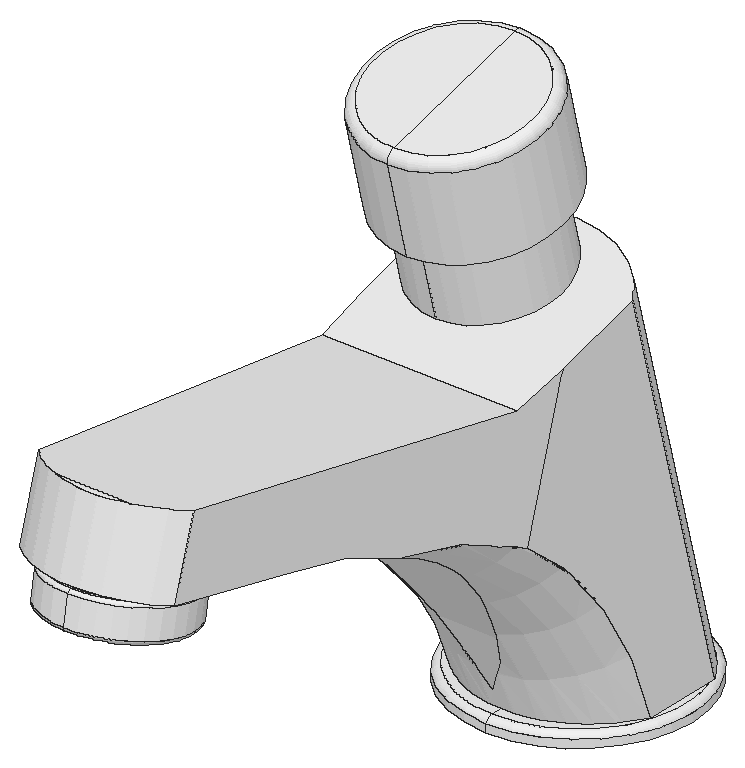
Revit family "Deca_Torneira de mesa com fechamento automático para lavatório_Decamatic Eco_1173", category Plumbing Fixtures, host Face, Revit 2019
Family settings
  Host = Face
  Round Connector Dimension = Use Radius
  Part Type = Normal
  Cut with Voids When Loaded = No
  Shared = No
  Room Calculation Point = No
Parameters (values of type "1173.C_Cromado")
  Vazão na Pressão mín. (L/min) = "5 l/min"
  Vazão na Pressão máx. (L/min) = "8 l/min"
  URL = "www.deca.com.br"
  Tipo de rosca de saída = "-"
  Tipo de rosca de entrada = "BSP NBR 8133"
  Tipo de mecanismo utilizado = "Mecanismo de Fechamento Automático"
  Tipo de dispositivo economizador = "Sim"
  Segmento = "Banheiro Competitivo"
  Saída de Esgoto = "-"
  Raio Água Fria = 7.5 mm  # constant formula
  Pressão mín. funcionamento = "2 MCA"
  Pressão mín. Aquec. Passagem = "-"
  Pressão mín. Aquec. Acúmulo = "-"
  Pressão máx. funcionamento = "40 MCA"
  Pressão = ""
  Peso Líquido (Kg) = 0.904
  Norma = "NBR13713"
  Model = "1173.C"
  Material = Deca_Cromado
  Manufacturer = "Deca"
  Linha = "Decamatic Eco"
  Itens de Instalação = "-"
  Informações Complementares = "-"
  HWFU = 0
  Diâmetro Água Fria = Raio Água Fria * 2  # 15 mm
  Description = "Torneira de mesa com fechamento automático para lavatório"
  Default Elevation = 0 mm
  Código Pai = "1173"
  Criado por = "quattroD"
  Cores Componente = "-"
  Cor Secundária = "-"
  Cor Principal = "Cromado"
  Cor Interna = "-"
  Consumo = "-"
  Composição Componente = "-"
  Composição Básica = "Liga de Cobre (bronze e latão),Plásticos de Engenharia,Elastômeros"
  Composição Assento = "-"
  Composição Anel Vedação = "-"
  Categoria = "USO PUBLICO"
  CWFU = 0
  Atendimento ao Cliente = "0800-0117073"
  Assembly Code = ""
  Aprovado por = "quattroD"
  Acompanha o Produto = "Acompanha restritor de vazão 8L/Min"
Reference planes
  plane 1 "Center (Front/Back)": y = 0
  plane 2: z = 0
  plane 3 "Center (Left/Right)": x = 0
  plane 4 "Top 1": z = 122
  plane 5 "Back 1": y = 23
  plane 6 "Front 1": y = -23
  plane 7 "Front 2": y = -132
  plane 8 "Left 1": x = -20
  plane 9 "Right 1": x = 20
Forms (mm)
  Extrusion 1, solid, material "Deca_Cromado"
    sketch origin (0, 0, 0) x (0, 1, 0) y (0, 0, 1)
      loop
        line (20.979, 2.659) -> (-0.338, 82.215) -> (-39.553, 71.708) -> (-121.101, 86.812)
        arc (-121.101, 86.812) -> (-123.295, 86.659) -> (-125.161, 85.493) r 4.546
        line (-125.161, 85.493) -> (-130.702, 75.496)
        arc (-130.702, 75.496) -> (-130.767, 73.638) -> (-129.302, 72.493) r 2.048
        line (-129.302, 72.493) -> (-94.945, 65.815)
        arc (-94.945, 65.815) -> (-48.245, 44.883) -> (-19.329, 2.659) r 94.404
        line (-19.329, 2.659) -> (20.979, 2.659)
    from -20 to 20
  Sweep 2, void
    path origin (0, -6.784, -4.6) x (0, 1, 0) y (0, 0, 1)
      loop
        line (23, -4.883) -> (-4.176, 96.539)
    profile origin (0, 2.628, 41.228) x (0, -0.965926, -0.258819) y (1, 0, 0)
      loop
        arc (3.778, -20) -> (-7.716, 0) -> (3.778, 20) r 23.147
        arc (3.778, 20) -> (-28.713, 0) -> (3.778, -20) r 22.401
  Sweep 3, void
    path origin (0, -6.25, -2.5) x (0, 1, 0) y (0, 0, 1)
      loop
        arc (-6.734, 2.659) -> (-32.526, 41.506) -> (-76.207, 57.823) r 75.577
    profile origin (0, -38.776, 39.006) x (0, -0.621846, -0.78314) y (1, 0, 0)
      loop
        arc (-6.529, -20) -> (25.427, 0) -> (-6.529, 20) r 22.237
        arc (-6.529, 20) -> (5.282, 0) -> (-6.529, -20) r 22.838
  Revolve 4, solid, material "Deca_Cromado"
    sketch origin (0, 2.428, 4.426) x (0, 0.999391, 0.034899) y (0, -0.034899, 0.999391)
      loop
        line (-113.847, 69.061) -> (-125.57, 71.767) -> (-125.719, 70.999) -> (-126.609, 71.271)
        arc (-126.609, 71.271) -> (-127.16, 71.209) -> (-127.49, 70.763) r 0.695
        line (-127.49, 70.763) -> (-128.759, 65.265)
        arc (-128.759, 65.265) -> (-128.445, 64.507) -> (-127.686, 64.193) r 1.072
        line (-127.686, 64.193) -> (-115.614, 61.406) -> (-113.847, 69.061)
      axis (-113.847, 69.061) -> (-115.614, 61.406)
    angle from 0 to 360
  Revolve 5, solid, material "Deca_Cromado"
    sketch origin (0, -2.289, 0.209) x (0, 0.999921, -0.012564) y (0, 0.012564, 0.999921)
      loop
        line (-15.084, 122.169) -> (-30.192, 118.121) -> (-20.707, 82.726) -> (-7.014, 86.395) -> (-11.047, 101.447) -> (-7.758, 102.328) -> (-12.691, 120.738)
        arc (-12.691, 120.738) -> (-13.598, 121.938) -> (-15.084, 122.169) r 2.003
      axis (-20.707, 82.726) -> (-30.192, 118.121)
    angle from 0 to 360
  Sweep 6, void
    path origin (0, 15.689, 38.255) x (0, 0.978148, 0.207912) y (0, -0.207912, 0.978148)
      loop
        line (-121.413, 92.254) -> (-140.127, 58.493)
    profile origin (0, -127.894, 84.792) x (0, 0.956305, -0.292372) y (1, 0, 0)
      loop
        line (97.939, -20) -> (11.557, -15.473)
        arc (11.557, -15.473) -> (4.428, 0) -> (11.557, 15.473) r 20.356
        line (11.557, 15.473) -> (97.692, 19.987) -> (97.692, 24.706) -> (-3.933, 24.706) -> (-3.933, -23.517) -> (97.939, -23.517) -> (97.939, -20)
  Revolve 7, solid, material "Deca_Cromado"
    sketch origin (0, 0, 0) x (0, 1, 0) y (0, 0, 1)
      loop
        line (0, 0) -> (23, 0) -> (23, 1.626)
        arc (23, 1.626) -> (22.425, 2.375) -> (21.524, 2.659) r 1.571
        line (21.524, 2.659) -> (0, 2.659) -> (0, 0)
      axis (0, 0) -> (0, 2.659)
    angle from 0 to 360
Cuts and joins
  Sweep 2, Sweep 3, Sweep 6 cuts Extrusion 1
Lines and regions (mm)
  Masking region 1
    outline origin (0, 0, 0) x (1, 0, 0) y (0, 1, 0)
      loop
        line (-14.801, -113.344) -> (-14.624, -117.573)
        arc (-14.624, -117.573) -> (0, -132.197) -> (14.624, -117.573) r 14.624
        line (14.624, -117.573) -> (14.801, -113.344) -> (19.679, -18.497) -> (20, -11.467)
        arc (20, -11.467) -> (0, 23.003) -> (-20, -11.467) r 23.037
        line (-20, -11.467) -> (-19.679, -18.497) -> (-14.801, -113.344)
  Masking region 2
    outline origin (0, 0, 0) x (1, 0, 0) y (0, 0, 1)
      loop
        line (-23, 1.698) -> (23, 1.698)
        arc (23, 1.698) -> (22.059, 3.536) -> (20, 3.698) r 2.116
        line (20, 3.698) -> (20, 79.233) -> (17.835, 81.398)
        arc (17.835, 81.398) -> (17.667, 85.903) -> (14, 88.525) r 5.114
        line (14, 88.525) -> (14, 99.267)
        arc (14, 99.267) -> (16.475, 100.292) -> (17.5, 102.767) r 3.5
        line (17.5, 102.767) -> (17.5, 119.371)
        arc (17.5, 119.371) -> (17.694, 120.856) -> (16.745, 122.013) r 1.884
        arc (16.745, 122.013) -> (0.78, 126.203) -> (-15.323, 122.576) r 34.842
        arc (-15.323, 122.576) -> (-16.59, 121.665) -> (-17.5, 120.398) r 4.827
        line (-17.5, 120.398) -> (-17.5, 102.767)
        arc (-17.5, 102.767) -> (-16.475, 100.292) -> (-14, 99.267) r 3.5
        line (-14, 99.267) -> (-14, 88.525)
        arc (-14, 88.525) -> (-17.608, 86.206) -> (-17.306, 81.927) r 4.206
        line (-17.306, 81.927) -> (-20, 79.233) -> (-20, 4.199)
        arc (-20, 4.199) -> (-22.11, 3.68) -> (-23, 1.698) r 2.478
  Masking region 3
    outline origin (0, 0, 0) x (0, 1, 0) y (0, 0, 1)
      loop
        line (20.89, 3.618) -> (-0.515, 83.487) -> (-1.619, 87.594)
        arc (-1.619, 87.594) -> (-2.128, 88.823) -> (-3.356, 89.331) r 1.738
        line (-3.356, 89.331) -> (-7.131, 88.317) -> (-11.642, 105.207) -> (-8.735, 105.988) -> (-13.541, 123.611)
        arc (-13.541, 123.611) -> (-14.442, 124.777) -> (-15.903, 124.968) r 1.93
        line (-15.903, 124.968) -> (-45.871, 116.939)
        arc (-45.871, 116.939) -> (-47.043, 116.041) -> (-47.235, 114.577) r 1.929
        line (-47.235, 114.577) -> (-42.552, 97.096) -> (-39.012, 98.044) -> (-34.485, 81.095) -> (-38.58, 79.994)
        arc (-38.58, 79.994) -> (-39.12, 79.77) -> (-39.344, 79.231) r 0.764
        line (-39.344, 79.231) -> (-37.936, 73.976) -> (-40.586, 73.264) -> (-47.88, 74.937) -> (-119.521, 87.559) -> (-123.599, 88.28)
        arc (-123.599, 88.28) -> (-124.552, 88.153) -> (-125.258, 87.5) r 1.59
        line (-125.258, 87.5) -> (-131.551, 76.601)
        arc (-131.551, 76.601) -> (-131.622, 75.246) -> (-130.566, 74.392) r 1.494
        line (-130.566, 74.392) -> (-123.817, 72.709)
        arc (-123.817, 72.709) -> (-123.68, 71.367) -> (-123.211, 70.102) r 5.337
        line (-123.211, 70.102) -> (-107.187, 66.365)
        arc (-107.187, 66.365) -> (-105.866, 66.913) -> (-105.319, 68.233) r 1.868
        line (-105.319, 68.233) -> (-94.945, 65.815)
        arc (-94.945, 65.815) -> (-49.699, 46.073) -> (-20.603, 6.194) r 94.404
        line (-20.603, 6.194) -> (-19.616, 3.618)
        arc (-19.616, 3.618) -> (-21.579, 3.083) -> (-23, 1.626) r 3.87
        line (-23, 1.626) -> (23.398, 1.626)
        arc (23.398, 1.626) -> (22.609, 3.207) -> (20.89, 3.618) r 2.09
  symbolic lines
    curve 1: line (20, -11.467, 0) -> (20, 1.93, 0)
    curve 2: arc (-14.801, -113.344, 0) -> (-9.938, -122.551, 0) -> (0, -125.657, 0) r 13.661
    curve 3: arc (0, -125.657, 0) -> (10.013, -122.642, 0) -> (14.801, -113.344, 0) r 13.384
    curve 4: arc (-13.251, -113.197, 0) -> (-9.131, -120.848, 0) -> (-0.88, -123.577, 0) r 11.753
    curve 5: line (-0.88, -123.577, 0) -> (1.68, -123.577, 0)
    curve 6: arc (1.68, -123.577, 0) -> (9.644, -120.44, 0) -> (13.329, -112.714, 0) r 11.677
    curve 7: line (13.329, -112.714, 0) -> (16.843, -34.322, 0)
    curve 8: line (-16.875, -34.503, 0) -> (-13.251, -113.197, 0)
    curve 9: circle (0, -30.72, 0) r 15.192 normal (0, 0, 1)
    curve 10: arc (-17.463, -31.104, 0) -> (0, -12.464, 0) -> (17.462, -31.104, 0) r 17.5
    curve 11: arc (-17.463, -31.104, 0) -> (-11.918, -42.594, 0) -> (0, -47.146, 0) r 17.276
    curve 12: arc (0, -47.146, 0) -> (11.795, -42.46, 0) -> (17.462, -31.104, 0) r 17.786
    curve 13: line (-9.049, -5.386, 0) -> (-17.415, -14.234, 0)
    curve 14: line (5.403, -3.922, 0) -> (-6.968, -4.446, 0)
    curve 15: line (16.69, -12.791, 0) -> (7.56, -4.683, 0)
    curve 16: arc (-17.415, -14.234, 0) -> (-17.958, -15.048, 0) -> (-18.2, -15.997, 0) r 2.907
    curve 17: arc (-9.049, -5.386, 0) -> (-8.102, -4.711, 0) -> (-6.968, -4.446, 0) r 3.011
    curve 18: arc (5.403, -3.922, 0) -> (6.555, -4.095, 0) -> (7.56, -4.683, 0) r 3.073
    curve 19: arc (16.69, -12.791, 0) -> (17.381, -13.7, 0) -> (17.66, -14.807, 0) r 2.85
    curve 20: line (-20, -11.134, 0) -> (-20, 1.93, 0)
    curve 21: arc (-20, 1.93, 0) -> (0, 21.93, 0) -> (20, 1.93, 0) r 20
    curve 22: arc (19.679, -18.497, 0) -> (0, 1.182, 0) -> (-19.679, -18.497, 0) r 19.679
    curve 23: line (-18.2, -15.997, 0) -> (-17.48, -30.814, 0)
    curve 24: line (17.66, -14.807, 0) -> (17.5, -29.964, 0)
    curve 25: arc (23, 0, 2.098) -> (22.531, 0, 3.229) -> (21.4, 0, 3.698) r 1.6
    curve 26: arc (-21.4, 0, 3.698) -> (-22.531, 0, 3.229) -> (-23, 0, 2.098) r 1.6
    curve 27: line (-23, 0, 1.698) -> (23, 0, 1.698)
    curve 28: line (21.4, 0, 3.698) -> (-21.4, 0, 3.698)
    curve 29: line (20, 0, 2.659) -> (20, 0, 79.233)
    curve 30: line (-20, 0, 79.233) -> (-20, 0, 2.659)
    curve 31: line (14, 0, 86.047) -> (14, 0, 99.267)
    curve 32: line (-14, 0, 86.047) -> (-14, 0, 99.267)
    curve 33: spline (9.307, 0, 71.287) -> (8.99, 0, 71.788) -> (8.06, 0, 72.255) -> (6.581, 0, 72.655) -> (4.654, 0, 72.963) -> (2.409, 0, 73.156) -> (0, 0, 73.222) -> (-2.409, 0, 73.156) -> (-4.654, 0, 72.963) -> (-6.581, 0, 72.655) -> (-8.06, 0, 72.255) -> (-8.99, 0, 71.788) -> (-9.307, 0, 71.287)
    curve 34: spline (-9.307, 0, 69.429) -> (-8.99, 0, 69.929) -> (-8.06, 0, 70.396) -> (-6.581, 0, 70.797) -> (-4.654, 0, 71.104) -> (-2.409, 0, 71.298) -> (0, 0, 71.364) -> (2.409, 0, 71.298) -> (4.654, 0, 71.104) -> (6.581, 0, 70.797) -> (8.06, 0, 70.396) -> (8.99, 0, 69.929) -> (9.307, 0, 69.429)
    curve 35: line (-9.307, 0, 71.287) -> (-9.307, 0, 69.429)
    curve 36: line (9.307, 0, 71.287) -> (9.307, 0, 69.429)
    curve 37: spline (6.707, 0, 67.864) -> (6.479, 0, 68.224) -> (5.809, 0, 68.561) -> (4.743, 0, 68.85) -> (3.354, 0, 69.071) -> (1.736, 0, 69.211) -> (0, 0, 69.258) -> (-1.736, 0, 69.211) -> (-3.354, 0, 69.071) -> (-4.743, 0, 68.85) -> (-5.809, 0, 68.561) -> (-6.479, 0, 68.224) -> (-6.707, 0, 67.864) -> (-6.479, 0, 67.503) -> (-5.809, 0, 67.166) -> (-4.743, 0, 66.878) -> (-3.354, 0, 66.656) -> (-1.736, 0, 66.517) -> (0, 0, 66.469) -> (1.736, 0, 66.517) -> (3.354, 0, 66.656) -> (4.743, 0, 66.878) -> (5.809, 0, 67.166) -> (6.479, 0, 67.503) -> (6.707, 0, 67.864)
    curve 38: spline (-7.707, 0, 67.864) -> (-7.445, 0, 67.449) -> (-6.675, 0, 67.062) -> (-5.45, 0, 66.73) -> (-3.854, 0, 66.476) -> (-1.995, 0, 66.316) -> (0, 0, 66.261) -> (1.995, 0, 66.316) -> (3.854, 0, 66.476) -> (5.45, 0, 66.73) -> (6.675, 0, 67.062) -> (7.445, 0, 67.449) -> (7.707, 0, 67.864) -> (7.445, 0, 68.278) -> (6.675, 0, 68.665) -> (5.45, 0, 68.997) -> (3.854, 0, 69.251) -> (1.995, 0, 69.411) -> (0, 0, 69.466) -> (-1.995, 0, 69.411) -> (-3.854, 0, 69.251) -> (-5.45, 0, 68.997) -> (-6.675, 0, 68.665) -> (-7.445, 0, 68.278) -> (-7.707, 0, 67.864)
    curve 39: line (-13.267, 0, 71.964) -> (-14.564, 0, 65.67)
    curve 40: line (13.267, 0, 71.964) -> (14.63, 0, 65.346)
    curve 41: line (-14.564, 0, 58.377) -> (-13.067, 0, 51.112)
    curve 42: arc (-13.067, 0, 51.112) -> (-11.561, 0, 44.751) -> (-9.685, 0, 38.489) r 111.488
    curve 43: arc (-9.685, 0, 38.489) -> (-8.106, 0, 32.461) -> (-7.312, 0, 26.281) r 48.543
    curve 44: line (-7.312, 0, 26.281) -> (-6.557, 0, 4.668)
    curve 45: arc (-14.564, 0, 65.67) -> (-14.935, 0, 62.024) -> (-14.564, 0, 58.377) r 18.073
    curve 46: arc (14.63, 0, 60.506) -> (13.53, 0, 53.073) -> (11.512, 0, 45.834) r 60.222
    curve 47: arc (11.512, 0, 45.834) -> (9.554, 0, 39.043) -> (8.337, 0, 32.081) r 65.835
    curve 48: line (8.337, 0, 32.081) -> (6.451, 0, 5.123)
    curve 49: arc (14.63, 0, 60.506) -> (14.733, 0, 62.926) -> (14.63, 0, 65.346) r 28.647
    curve 50: line (-19.401, 0, 78.761) -> (-19.401, 0, 3.698)
    curve 51: line (20, 0, 2.659) -> (20, 0, 79.233)
    curve 52: line (19.401, 0, 78.761) -> (19.401, 0, 3.698)
    curve 53: line (-18.901, 0, 79.25) -> (-17.702, 0, 72.791)
    curve 54: line (18.901, 0, 79.25) -> (17.658, 0, 72.556)
    curve 55: line (15.473, 0, 85.776) -> (19.495, 0, 71.708)
    curve 56: line (-19.495, 0, 71.708) -> (-15.473, 0, 85.776)
    curve 57: line (17.835, 0, 84.69) -> (17.835, 0, 81.398)
    curve 58: line (-17.835, 0, 81.792) -> (-17.835, 0, 84.69)
    curve 59: spline (-16.328, 0, 86.178) -> (-16.456, 0, 86.163) -> (-16.581, 0, 86.131) -> (-16.702, 0, 86.084) -> (-16.817, 0, 86.021) -> (-16.924, 0, 85.945) -> (-17.02, 0, 85.857) -> (-17.104, 0, 85.757) -> (-17.175, 0, 85.648) -> (-17.232, 0, 85.532) -> (-17.273, 0, 85.41) -> (-17.298, 0, 85.284) -> (-17.306, 0, 85.158)
    curve 60: spline (18.059, 0, 71.539) -> (18.052, 0, 71.502) -> (18.045, 0, 71.47) -> (18.037, 0, 71.444) -> (18.03, 0, 71.423) -> (18.023, 0, 71.407) -> (18.015, 0, 71.396) -> (18.008, 0, 71.392) -> (18.001, 0, 71.392) -> (17.994, 0, 71.398) -> (17.987, 0, 71.41) -> (17.981, 0, 71.427) -> (17.974, 0, 71.45)
    curve 61: spline (-18.059, 0, 71.539) -> (-18.052, 0, 71.502) -> (-18.045, 0, 71.47) -> (-18.037, 0, 71.444) -> (-18.03, 0, 71.423) -> (-18.023, 0, 71.407) -> (-18.015, 0, 71.396) -> (-18.008, 0, 71.392) -> (-18.001, 0, 71.392) -> (-17.994, 0, 71.398) -> (-17.987, 0, 71.41) -> (-17.981, 0, 71.427) -> (-17.974, 0, 71.45)
    curve 62: line (-15.108, 0, 82.151) -> (-14.765, 0, 73.413)
    curve 63: line (15.108, 0, 82.151) -> (14.765, 0, 73.413)
    curve 64: arc (15.108, 0, 82.151) -> (0, 0, 87.871) -> (-15.108, 0, 82.151) r 22.814
    curve 65: arc (18.901, 0, 79.25) -> (0, 0, 89.53) -> (-18.901, 0, 79.25) r 22.517
    curve 66: line (17.974, 0, 71.45) -> (14.984, 0, 81.909)
    curve 67: line (-18.059, 0, 71.539) -> (-15.098, 0, 81.896)
    curve 68: line (20, 0, 79.233) -> (17.835, 0, 81.398)
    curve 69: arc (17.835, 0, 84.69) -> (16.712, 0, 87.402) -> (14, 0, 88.525) r 3.835
    curve 70: line (-20, 0, 79.233) -> (-17.306, 0, 81.927)
    curve 71: arc (-17.835, 0, 84.69) -> (-16.712, 0, 87.402) -> (-14, 0, 88.525) r 3.835
    curve 72: arc (13.267, 0, 71.964) -> (0, 0, 74.892) -> (-13.267, 0, 71.964) r 31.522
    curve 73: arc (14.765, 0, 73.413) -> (0, 0, 77.082) -> (-14.765, 0, 73.413) r 31.541
    curve 74: arc (14.765, 0, 73.413) -> (18.241, 0, 38.632) -> (19.401, 0, 3.698) r 526.598
    curve 75: arc (-14.765, 0, 73.413) -> (-19.712, 0, 40.454) -> (-19.401, 0, 7.128) r 210.762
    curve 76: spline (-15.5, 0, 121.303) -> (-14.972, 0, 120.265) -> (-13.423, 0, 119.297) -> (-10.96, 0, 118.466) -> (-7.75, 0, 117.829) -> (-4.012, 0, 117.428) -> (0, 0, 117.291) -> (4.012, 0, 117.428) -> (7.75, 0, 117.829) -> (10.96, 0, 118.466) -> (13.423, 0, 119.297) -> (14.972, 0, 120.265) -> (15.5, 0, 121.303) -> (14.972, 0, 122.341) -> (13.423, 0, 123.309) -> (10.96, 0, 124.14) -> (7.75, 0, 124.777) -> (4.012, 0, 125.178) -> (0, 0, 125.315) -> (-4.012, 0, 125.178) -> (-7.75, 0, 124.777) -> (-10.96, 0, 124.14) -> (-13.423, 0, 123.309) -> (-14.972, 0, 122.341) -> (-15.5, 0, 121.303)
    curve 77: spline (0, 0, 114.842) -> (-2.306, 0, 114.881) -> (-4.571, 0, 114.999) -> (-6.757, 0, 115.193) -> (-8.825, 0, 115.46) -> (-10.739, 0, 115.795) -> (-12.466, 0, 116.192) -> (-13.975, 0, 116.645) -> (-15.241, 0, 117.146) -> (-16.241, 0, 117.685) -> (-16.958, 0, 118.253) -> (-17.38, 0, 118.841) -> (-17.498, 0, 119.438)
    curve 78: spline (17.5, 0, 119.371) -> (17.35, 0, 118.78) -> (16.904, 0, 118.199) -> (16.168, 0, 117.638) -> (15.155, 0, 117.107) -> (13.884, 0, 116.614) -> (12.374, 0, 116.169) -> (10.653, 0, 115.778) -> (8.75, 0, 115.449) -> (6.697, 0, 115.187) -> (4.529, 0, 114.996) -> (2.284, 0, 114.881) -> (0, 0, 114.842)
    curve 79: line (17.5, 0, 101.985) -> (17.5, 0, 119.371)
    curve 80: line (-17.5, 0, 101.985) -> (-17.5, 0, 119.371)
    curve 81: spline (17.5, 0, 101.985) -> (17.35, 0, 101.393) -> (16.904, 0, 100.812) -> (16.168, 0, 100.251) -> (15.155, 0, 99.72) -> (13.884, 0, 99.227) -> (12.374, 0, 98.782) -> (10.653, 0, 98.391) -> (8.75, 0, 98.062) -> (6.697, 0, 97.8) -> (4.529, 0, 97.61) -> (2.284, 0, 97.494) -> (0, 0, 97.455)
    curve 82: spline (0, 0, 97.455) -> (-2.284, 0, 97.494) -> (-4.529, 0, 97.61) -> (-6.697, 0, 97.8) -> (-8.75, 0, 98.062) -> (-10.653, 0, 98.391) -> (-12.374, 0, 98.782) -> (-13.884, 0, 99.227) -> (-15.155, 0, 99.72) -> (-16.168, 0, 100.251) -> (-16.904, 0, 100.812) -> (-17.35, 0, 101.393) -> (-17.5, 0, 101.985)
    curve 83: arc (17.5, 0, 119.371) -> (17.088, 0, 120.99) -> (16.113, 0, 122.346) r 4.491
    curve 84: arc (-17.498, 0, 119.438) -> (-16.868, 0, 121.325) -> (-15.323, 0, 122.576) r 3.547
    curve 85: arc (16.113, 0, 122.346) -> (0.422, 0, 126.208) -> (-15.323, 0, 122.576) r 34.842
    curve 86: line (0, 20.89, 3.618) -> (0, -0.515, 83.487)
    curve 87: arc (0, -6.907, 2.659) -> (0, -18.506, 26.9) -> (0, -37.31, 46.098) r 82.106
    curve 88: line (0, -7.5, 89.352) -> (0, -11.766, 105.279)
    curve 89: line (0, -39.107, 97.954) -> (0, -34.842, 82.027)
    curve 90: line (0, -15.903, 124.968) -> (0, -42.184, 117.924)
    curve 91: line (0, -42.184, 117.924) -> (0, -45.87, 116.94)
    curve 92: line (0, -42.536, 97.036) -> (0, -47.217, 114.514)
    curve 93: line (0, -13.524, 123.544) -> (0, -8.841, 106.062)
    curve 94: arc (0, -13.524, 123.544) -> (0, -14.412, 124.759) -> (0, -15.903, 124.968) r 1.93
    curve 95: arc (0, -45.87, 116.94) -> (0, -47.058, 116.013) -> (0, -47.217, 114.514) r 1.929
    curve 96: line (0, -39.107, 97.954) -> (0, -42.536, 97.036)
    curve 97: line (0, -11.766, 105.279) -> (0, -8.841, 106.062)
    curve 98: line (0, -0.515, 83.487) -> (0, -1.573, 87.432)
    curve 99: line (0, -47.88, 74.937) -> (0, -119.521, 87.559)
    curve 100: line (0, -125.258, 87.5) -> (0, -131.551, 76.601)
    curve 101: line (0, -130.566, 74.392) -> (0, -117.693, 71.656)
    curve 102: line (0, -107.098, 66.347) -> (0, -122.029, 69.523)
    curve 103: line (0, -102.791, 68.386) -> (0, -124.894, 73.085)
    curve 104: line (0, -117.693, 71.656) -> (0, -88.183, 65.386)
    curve 105: arc (0, -130.566, 74.392) -> (0, -131.622, 75.246) -> (0, -131.551, 76.601) r 1.494
    curve 106: line (0, -119.521, 87.559) -> (0, -123.599, 88.28)
    curve 107: arc (0, -123.599, 88.28) -> (0, -124.552, 88.153) -> (0, -125.258, 87.5) r 1.59
    curve 108: line (0, -23, 1.626) -> (0, 23.398, 1.626)
    curve 109: line (0, -19.616, 3.618) -> (0, 21.406, 3.618)
    curve 110: arc (0, -19.616, 3.618) -> (0, -21.579, 3.083) -> (0, -23, 1.626) r 3.87
    curve 111: arc (0, 21.406, 3.618) -> (0, 22.815, 3.035) -> (0, 23.398, 1.626) r 1.992
    curve 112: line (0, -20.603, 6.194) -> (0, -19.616, 3.618)
    curve 113: line (0, -19.495, 78.916) -> (0, -1.125, 83.838)
    curve 114: line (0, -46.356, 71.72) -> (0, -19.495, 78.916)
    curve 115: line (0, -46.356, 71.72) -> (0, -116.052, 83.999)
    curve 116: line (0, -116.052, 83.999) -> (0, -123.599, 88.28)
    curve 117: line (0, -8.842, 106.064) -> (0, -38.387, 98.142)
    curve 118: line (0, -13.524, 123.544) -> (0, -47.219, 114.519)
    curve 119: line (0, -34.842, 82.027) -> (0, -8.045, 89.206)
    curve 120: line (0, -39.344, 79.231) -> (0, -37.936, 73.976)
    curve 121: line (0, -3.955, 89.27) -> (0, -38.58, 79.994)
    curve 122: arc (0, -38.58, 79.994) -> (0, -39.12, 79.77) -> (0, -39.344, 79.231) r 0.764
    curve 123: arc (0, -3.955, 89.27) -> (0, -2.309, 88.94) -> (0, -1.573, 87.432) r 1.893
    curve 124: line (0, -2.888, 83.369) -> (0, -4.172, 88.168)
    curve 125: line (0, -4.582, 82.912) -> (0, -5.871, 87.717)
    curve 126: line (0, -13.799, 80.445) -> (0, -15.088, 85.25)
    curve 127: line (0, -18.253, 84.401) -> (0, -16.969, 79.596)
    curve 128: line (0, -28.038, 76.631) -> (0, -29.322, 81.418)
    curve 129: line (0, -32.052, 80.674) -> (0, -30.769, 75.898)
    curve 130: line (0, -37.209, 74.17) -> (0, -38.48, 78.928)
    curve 131: line (0, -0.884, 83.903) -> (0, -2.168, 88.684)
    curve 132: line (0, -40.18, 73.578) -> (0, -47.88, 74.937)
    curve 133: line (0, -117.452, 73.097) -> (0, -87.943, 66.827)
    curve 134: line (0, -72.379, 62.485) -> (0, -69.936, 61.659)
    curve 135: arc (0, -87.943, 66.827) -> (0, -80.094, 64.898) -> (0, -72.382, 62.477) r 127.77
    curve 136: line (0, -117.452, 73.097) -> (0, -130.579, 76.37)
    curve 137: line (0, -105.715, 69.007) -> (0, -106.061, 67.384)
    curve 138: line (0, -123.613, 71.107) -> (0, -123.265, 72.74)
    curve 139: arc (0, -122.029, 69.523) -> (0, -123.149, 69.987) -> (0, -123.613, 71.107) r 1.584
    curve 140: arc (0, -106.061, 67.384) -> (0, -106.365, 66.65) -> (0, -107.098, 66.347) r 1.037
    curve 141: line (0, -106.061, 67.384) -> (0, -123.531, 71.457)
    curve 142: line (0, -69.936, 61.659) -> (0, -67.492, 60.803)
    curve 143: line (0, -67.492, 60.803) -> (0, -65.054, 59.919)
    curve 144: line (0, -65.054, 59.919) -> (0, -62.623, 59.004)
    curve 145: line (0, -62.623, 59.004) -> (0, -60.197, 58.055)
    curve 146: line (0, -60.197, 58.055) -> (0, -57.97, 57.153)
    curve 147: line (0, -57.97, 57.153) -> (0, -55.749, 56.209)
    curve 148: line (0, -55.749, 56.209) -> (0, -53.54, 55.237)
    curve 149: line (0, -51.337, 54.223) -> (0, -49.872, 53.52)
    curve 150: line (0, -53.54, 55.237) -> (0, -52.433, 54.733)
    curve 151: line (0, -52.433, 54.733) -> (0, -51.337, 54.223)
    curve 152: line (0, -49.872, 53.52) -> (0, -48.419, 52.805)
    curve 153: line (0, -48.419, 52.805) -> (0, -46.971, 52.061)
    curve 154: line (0, -46.971, 52.061) -> (0, -45.213, 51.129)
    curve 155: line (0, -45.213, 51.129) -> (0, -43.473, 50.168)
    curve 156: line (0, -43.473, 50.168) -> (0, -41.681, 49.129)
    curve 157: line (0, -36.945, 46.131) -> (0, -35.568, 45.175)
    curve 158: line (0, -35.568, 45.175) -> (0, -34.209, 44.197)
    curve 159: line (0, -34.209, 44.197) -> (0, -32.861, 43.189)
    curve 160: arc (0, -32.861, 43.189) -> (0, -16.781, 26.306) -> (0, -7.151, 5.073) r 69.867
    curve 161: arc (0, -20.603, 6.194) -> (0, -39.003, 36.034) -> (0, -67.023, 57.103) r 94.404
    curve 162: arc (0, -67.023, 57.103) -> (0, -77.263, 62.113) -> (0, -88.183, 65.386) r 69.702
    curve 163: line (0, -37.31, 46.098) -> (0, -41.681, 49.129)
Dimensions and locks
  aligned and locked: host face to plane 2
  aligned and locked: level to host face
Connectors
  piping at (0, 0, 0), diameter 15, driven by "CWFU", driven by "Raio Água Fria"
    settings: on Revolve 7, index 1, connector inside diameter 0.59055", connector length 0 mm, flow factor 0, pipe flow 0 GPM, pressure drop 0.00 psi, fitting loss kfactor 0, connector angle 0.00°, fixture units 0, engagement length 0 mm, angle of deflection 0.00°, flow configuration 3, flow direction 1, fitting loss method 4, system type 20, joint type 0, gender type 0, connector reference index -1, connector utility 0, adjustable connector no, is connector primary yes, connector description ""
